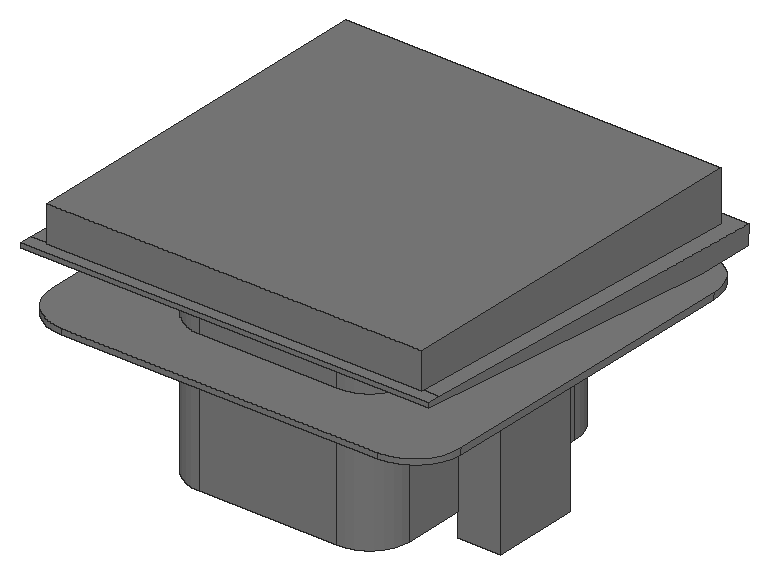
Revit family "Gira_126400", category Electrical Fixtures, host Face, Revit 2017
Family settings
  Host = Face
  Maintain Annotation Orientation = Yes
  Round Connector Dimension = Use Diameter
  Part Type = Normal
  Cut with Voids When Loaded = No
  Shared = No
  Room Calculation Point = No
Parameters (values of type "Info-Modul Türstation Gira TX_44 (WG UP)")
  Werkstoff = "sonstige"
  URL = "http://katalog.gira.de/de_DE/datenblatt.html?artikelnr=126400"
  Region = "DE"
  Name = "Info-Modul Türstation Gira TX_44 (WG UP)"
  Manufacturer URL = "https://www.gira.de/"
  Keynote = "TX44_Komplettgerät_Schalten und Tasten"
  HeinzeBIM = "https://bimportal.heinze.de/bim/info-modul-tuerstation-gira-tx-44-wg-up-/a028b6985f8c5150f75c78ca0afe8abc52f115c5"
  HAN = "126400"
  Geeignet für = "Außenstation"
  GTIN = "4010337264002"
  Default Elevation = 1219.2 mm
  Data sheet (1) = "https://katalog.gira.de/de_DE/download.html?artikelnr=126400"
  Category = "Montagezubehör für Türkommunikation"
  Available = "Yes"
Reference planes
  plane 1 "Center (Front/Back)": y = 0
  plane 2 "Reference Level 0": z = 0
  plane 3 "Center (Left/Right)": x = 0
  plane 4: z = -28.6
Forms (mm)
  Extrusion 1, solid, material "Default", detail levels fine
    sketch origin (0, 0, 0) x (1, 0, 0) y (0, 1, 0)
      loop
        line (-32.604, 32.5) -> (-32.604, -32.5) -> (32.735, -32.5) -> (32.735, 32.5) -> (-32.604, 32.5)
    from 0 to 12.3
  Extrusion 2, solid, material "Default", detail levels fine
    sketch origin (0, 0, 0) x (0, 1, 0) y (0, 0, 1)
      loop
        line (35, 3.483) -> (-32.2, 6) -> (-34.55, 6) -> (-34.536, 5.199) -> (24.886, 0) -> (34.939, 0) -> (35, 3.483)
    from -35.5 to 35.5
  Extrusion 3, void
    sketch origin (0, 0, 0) x (0, 1, 0) y (0, 0, 1)
      loop
        line (42.419, 3.205) -> (-32.2, 6) -> (-42.193, 6) -> (-42.193, -11.826) -> (42.419, -11.826) -> (42.419, 3.205)
    from -64.194 to 61.264
  Extrusion 4, solid, material "Default", detail levels fine
    sketch origin (0, 0, 0) x (1, 0, 0) y (0, 1, 0)
      loop
        arc (35.5, 27.5) -> (33.157, 33.157) -> (27.5, 35.5) r 8
        line (27.5, 35.5) -> (-27.5, 35.5)
        arc (-27.5, 35.5) -> (-33.157, 33.157) -> (-35.5, 27.5) r 8
        line (-35.5, 27.5) -> (-35.5, -27.5)
        arc (-35.5, -27.5) -> (-33.157, -33.157) -> (-27.5, -35.5) r 8
        line (-27.5, -35.5) -> (27.5, -35.5)
        arc (27.5, -35.5) -> (33.157, -33.157) -> (35.5, -27.5) r 8
        line (35.5, -27.5) -> (35.5, 27.5)
    from -4.1 to -5.1
  Extrusion 5, solid, material "Default", detail levels fine
    sketch origin (0, 0, 0) x (1, 0, 0) y (0, 1, 0)
      loop
        arc (-12, 25) -> (-16.95, 22.95) -> (-19, 18) r 7
        line (-19, 18) -> (-19, -18)
        arc (-19, -18) -> (-16.95, -22.95) -> (-12, -25) r 7
        line (-12, -25) -> (12, -25)
        arc (12, -25) -> (16.95, -22.95) -> (19, -18) r 7
        line (19, -18) -> (19, 18)
        arc (19, 18) -> (16.95, 22.95) -> (12, 25) r 7
        line (12, 25) -> (-12, 25)
    from 4.692 to -28.6
  Extrusion 6, solid, material "Default", detail levels fine
    sketch origin (0, 0, 0) x (1, 0, 0) y (0, 1, 0)
      loop
        line (-26.5, -7.5) -> (-19, -7.5) -> (-19, 7.5) -> (-26.5, 7.5) -> (-26.5, -7.5)
    from -5.1 to -32.6
  Extrusion 7, solid, material "Default", detail levels fine
    sketch origin (0, 0, 0) x (-1, 0, 0) y (0, -1, 0)
      loop
        line (-26.5, 7.5) -> (-26.5, -7.5) -> (-19, -7.5) -> (-19, 7.5) -> (-26.5, 7.5)
    from -5.1 to -32.6
  Extrusion 8, solid, material "Default", detail levels medium
    sketch origin (0, 0, 0) x (1, 0, 0) y (0, 1, 0)
      loop
        line (-32.604, 32.5) -> (-32.604, -32.5) -> (32.735, -32.5) -> (32.735, 32.5) -> (-32.604, 32.5)
    from 0 to 12.3
  Extrusion 9, solid, material "Default", detail levels medium
    sketch origin (0, 0, 0) x (0, 1, 0) y (0, 0, 1)
      loop
        line (35, 3.483) -> (-32.2, 6) -> (-34.55, 6) -> (-34.445, 0) -> (34.939, 0) -> (35, 3.483)
    from -35.5 to 35.5
  Extrusion 10, solid, material "Default", detail levels medium
    sketch origin (0, 0, 0) x (1, 0, 0) y (0, 1, 0)
      loop
        line (-26.5, 25) -> (-26.5, -25) -> (26.5, -25) -> (26.5, 25) -> (-26.5, 25)
    from 4.692 to -32.6
  Extrusion 11, solid, material "Default", detail levels medium
    sketch origin (0, 0, 0) x (1, 0, 0) y (0, 1, 0)
      loop
        line (35.5, 35.5) -> (-35.5, 35.5) -> (-35.5, -35.5) -> (35.5, -35.5) -> (35.5, 35.5)
    from -4.1 to -5.1
  Extrusion 12, solid, material "Default", detail levels coarse
    sketch origin (0, 0, 0) x (1, 0, 0) y (0, 1, 0)
      loop
        line (35.5, 35.5) -> (-35.5, 35.5) -> (-35.5, -35.5) -> (35.5, -35.5) -> (35.5, 35.5)
    from -32.6 to 12.3
Cuts and joins
  Extrusion 3 cuts Extrusion 1
  joined: Extrusion 1, Extrusion 2, Extrusion 4, Extrusion 5, Extrusion 6, Extrusion 7
Dimensions and locks
  Extrusion 12 to Extrusion 12 = 44.9 mm
  aligned and locked: plane 2 "Reference Level 0" to host face
  aligned and locked: level to host face
  aligned and locked: plane 3 "Center (Left/Right)" to nested 1
  aligned and locked: plane 1 "Center (Front/Back)" to nested 1
Nested families
  nested 1: "Schalter" at (0, 0, 0), type "Schalter"
Connectors
  electrical at (0, 0, -32.6)
    settings: on Extrusion 12, index 1, voltage 220 V, apparent load 0 VA, apparent load phase1 0 VA, apparent load phase2 0 VA, apparent load phase3 0 VA, power factor 1, load classification "Other", number of poles 1, system type 30, power factor state 1, is connector primary yes, connector utility no, sub classification motor no, connector description ""
Definition of nested family "Schalter"
  Reference planes
    plane 1: y = 0
    plane 2: x = 0
  Lines and regions (mm)
    detail lines
      curve 1: circle (1.375, 2.778, 0) r 0.8 normal (0, 0, 1)
      curve 2: line (1.021, 2.061, 0) -> (0, 0, 0)
      curve 3: line (0, 0, 0) -> (-0.538, 0.266, 0)
  Dimensions and locks
    curve 2 to curve 2 = 2.3 mm
    curve 3 to curve 2 = 0.6 mm
    radius of curve 1 = 0.8 mm
